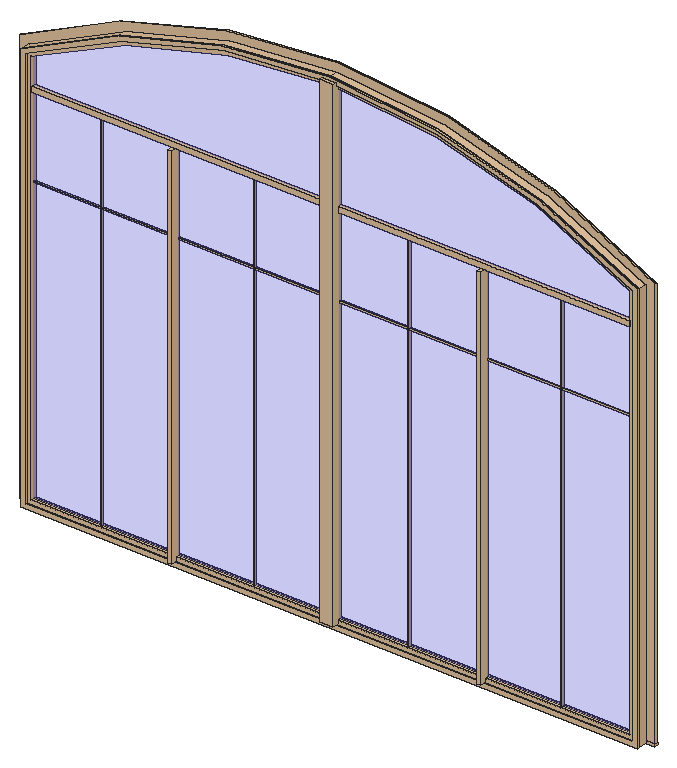
Revit family
Parameters (values of type "24" x 48"")
  Return Depth = 0' - 1 115/128"
  Mullion Width = 0' - 0 1/4"
  Mullion Height = 9' - 0"
  Mulliion Depth = 0' - 1 1/2"
  Cross Offset = 2' - 0"
  Assembly Code = "B2020100"
  Glass Pane Material = Glass
  Height = 12' - 0"
  Radius = Width  # 15' - 0"
  Sash Material = Sash
  Default Sill Height = 3' - 0"
  Trim Exterior Material = Trim
  Trim Interior Material = Trim
  Trim Projection - Ext. = 0' - 0 1/2"
  Trim Projection - Int. = 0' - 0 3/4"
  Trim Width - Exterior = 0' - 3 1/2"
  Trim Width - Interior = 0' - 3 1/2"
  Wall Closure = (empty or 0)
  Width = 15' - 0"
Types (7): name | Return Depth | Mullion Width | Mullion Height | Mulliion Depth | Cross Offset | Height | Radius | Default Sill Height | Width
  (no name) | 0' - 1 115/128" | 0' - 0 1/4" | 9' - 0" | 0' - 1 1/2" | 2' - 0" | 12' - 0" | 15' - 0" | 3' - 0" | 15' - 0"
  24" x 24" | 0' - 1.78513" | 0' - 3.05538" | 1' - 0" | 0' - 1" | 1' - 3" | 2' - 0" | 2' - 0" | 3' - 0" | 2' - 0"
  24" x 60" | 0' - 1.78513" | 0' - 3.05538" | 1' - 0" | 0' - 1" | 1' - 3" | 5' - 0" | 2' - 0" | 2' - 0" | 2' - 0"
  24" x 48" | 0' - 1 115/128" | 0' - 0 1/4" | 9' - 0" | 0' - 1 1/2" | 2' - 0" | 12' - 0" | 15' - 0" | 3' - 0" | 15' - 0"
  72" x 48" | 0' - 1.78513" | 0' - 3.05538" | 1' - 0" | 0' - 1" | 1' - 3" | 4' - 0" | 6' - 0" | 1' - 0" | 6' - 0"
  36" x 48" | 0' - 1.78513" | 0' - 3.05538" | 1' - 0" | 0' - 1" | 1' - 3" | 4' - 0" | 3' - 0" | 2' - 0" | 3' - 0"
  30" x 60" | 0' - 1.78513" | 0' - 3.05538" | 1' - 0" | 0' - 1" | 1' - 3" | 5' - 0" | 2' - 6" | 2' - 0" | 2' - 6"
Reference planes (in)
  plane 1: y = 0
  plane 2 "Center": x = 0.47167
  plane 3 "Sill": z = 58.75
  plane 4: z = 22.75
  plane 5: x = 90.47167
  plane 6 "Right": x = -89.52833
  plane 7 "Top": z = 202.75
  plane 8: x = -88.27833
  plane 9: x = -88.77833
  plane 10: x = -91.77833
  plane 11: x = -92.27833
  plane 12: x = 89.22167
  plane 13: x = 89.72167
  plane 14: x = 92.72167
  plane 15: x = 93.22167
  plane 16: z = 205.5
  plane 17: z = 205
  plane 18: z = 202
  plane 19: z = 201.5
  plane 20: z = 60
  plane 21: z = 56.5
  plane 22 "Closure": y = 1.125
  plane 23: x = -1.52833
  plane 24: x = 45.09667
  plane 25: y = -0.85156
  plane 26: y = 1.625
  plane 27: z = 168
  plane 28: y = -1.10156
  plane 29: z = 169.5
  plane 30: x = 45.59667
  plane 31: x = 44.59667
  plane 32: x = -45.15333
  plane 33: x = -45.65333
  plane 34: x = -44.65333
  plane 35: x = 22.65917
  plane 36: x = 22.90917
  plane 37: x = 22.78417
  plane 38: x = 67.28417
  plane 39: x = 67.40917
  plane 40: x = 67.53417
  plane 41: x = -22.46583
  plane 42: x = -22.34083
  plane 43: x = -22.21583
  plane 44: x = -66.96583
  plane 45: x = -66.84083
  plane 46: x = -67.09083
  plane 47: z = 144
  plane 48: z = 144.5
  plane 49: x = -0.27833
  plane 50: x = 1.22167
  plane 51: x = -87.02833
  plane 52: x = 87.97167
  plane 53: x = 87.97167
  plane 54: x = 1.22167
  plane 55: y = -1.10156
  plane 56: y = -3
  plane 57: x = 2.47167
  plane 58: x = -87.02833
  plane 59: x = 87.97167
  plane 60: y = 0.5
Forms (in)
  Extrusion 1, solid, material "Sash" <- "Sash Material"
    sketch origin (0.47167, 0, 0) x (1, 0, 0) y (0, 0, 1)
      loop
        line (-90, 178.63457) -> (-90, 58.75) -> (90, 58.75) -> (90, 178.63457)
        arc (90, 178.63457) -> (46.58743, 196.61665) -> (0, 202.75) r 180
        arc (0, 202.75) -> (-46.58743, 196.61665) -> (-90, 178.63457) r 180
      loop
        line (-89.25, 178.28051) -> (-89.25, 59.5) -> (89.25, 59.5) -> (89.25, 178.28051)
        arc (89.25, 178.28051) -> (46.18294, 196.01984) -> (0, 202.06899) r 179.31899
        arc (0, 202.06899) -> (-46.18294, 196.01984) -> (-89.25, 178.28051) r 179.31899
    from -3 to -0.5
  Extrusion 2, solid, material "Sash" <- "Sash Material"
    sketch origin (0.47167, 0, 0) x (-1, 0, 0) y (0, 0, 1)
      loop
        line (-90, 178.63457) -> (-90, 58.75) -> (90, 58.75) -> (90, 178.63457)
        arc (90, 178.63457) -> (46.58743, 196.61665) -> (0, 202.75) r 180
        arc (0, 202.75) -> (-46.58743, 196.61665) -> (-90, 178.63457) r 180
      loop
        line (-88.75, 178.04219) -> (-88.75, 60) -> (88.75, 60) -> (88.75, 178.04219)
        arc (88.75, 178.04219) -> (45.91345, 195.62042) -> (0, 201.61371) r 178.86371
        arc (0, 201.61371) -> (-45.91345, 195.62042) -> (-88.75, 178.04219) r 178.86371
    from 0.5 to 0
  Extrusion 3, solid, material "Glass" <- "Glass Pane Material"
    sketch origin (-4.44843, 3, -4.60771) x (1, 0, 0) y (0, 0, 1)
      loop
        line (-82.5799, 181.94776) -> (-82.5799, 65.85771) -> (92.4201, 65.85771) -> (92.4201, 181.94776)
        arc (92.4201, 181.94776) -> (50.16205, 199.13518) -> (4.9201, 204.99311) r 177.6354
        arc (4.9201, 204.99311) -> (-40.32186, 199.13518) -> (-82.5799, 181.94776) r 177.6354
    from 1.375 to 1.875
  Extrusion 4, solid, material "Trim" <- "Trim Exterior Material"
    sketch origin (0.47167, 0, 0) x (-1, 0, 0) y (0, 0, 1)
      loop
        arc (-89.25, 178.20096) -> (-46.1843, 195.94808) -> (0, 202) r 179.25
        arc (0, 202) -> (46.1843, 195.94808) -> (89.25, 178.20096) r 179.25
        line (89.25, 178.20096) -> (89.25, 59.5) -> (92.75, 59.5) -> (92.75, 179.82019)
        arc (92.75, 179.82019) -> (48.07467, 198.71145) -> (0, 205.16055) r 182.41055
        arc (0, 205.16055) -> (-48.07467, 198.71145) -> (-92.75, 179.82019) r 182.41055
        line (-92.75, 179.82019) -> (-92.75, 59.5) -> (-89.25, 59.5) -> (-89.25, 178.20096)
    from 3 to 3.5
  Extrusion 5, solid, material "Trim" <- "Trim Exterior Material"
    sketch origin (0.47167, 0, 0) x (-1, 0, 0) y (0, 0, 1)
      loop
        line (-92.75, 59.5) -> (-92.75, 58.75) -> (92.75, 58.75) -> (92.75, 59.5) -> (-92.75, 59.5)
    from 3 to 4
  Extrusion 6, solid, material "Sash" <- "Sash Material"
    sketch origin (-60, 3, 0) x (-1, 0, 0) y (0, 0, 1)
      loop
        line (-149.72167, 178.20096) -> (-149.72167, 60) -> (28.77833, 60) -> (28.77833, 178.20096)
        arc (28.77833, 178.20096) -> (-14.28737, 195.94808) -> (-60.47167, 202) r 179.25
        arc (-60.47167, 202) -> (-106.65596, 195.94808) -> (-149.72167, 178.20096) r 179.25
      loop
        line (-147.97167, 177.32811) -> (-147.97167, 61.25) -> (27.02833, 61.25) -> (27.02833, 177.32811)
        arc (27.02833, 177.32811) -> (-15.22951, 194.51667) -> (-60.47167, 200.375) r 177.625
        arc (-60.47167, 200.375) -> (-105.71382, 194.51667) -> (-147.97167, 177.32811) r 177.625
    from -2.5 to -0.75
  Extrusion 7, solid
    sketch origin (0, 0, 0) x (1, 0, 0) y (0, 1, 0)
      loop
        line (-1.52833, 1.625) -> (-1.52833, -1.10156) -> (2.47167, -1.10156) -> (2.47167, 1.625) -> (-1.52833, 1.625)
    from 60 to 202
  Extrusion 8, solid
    sketch origin (-3.10862, 0, 0) x (1, 0, 0) y (0, 1, 0)
      loop
        line (47.70528, 1.625) -> (47.70528, -1.10156) -> (48.70528, -1.10156) -> (48.70528, 1.625) -> (47.70528, 1.625)
    from 60 to 168
  Extrusion 9, solid
    sketch origin (-9.27833, 0, 0) x (1, 0, 0) y (0, 1, 0)
      loop
        line (-36.375, 1.625) -> (-36.375, -1.10156) -> (-35.375, -1.10156) -> (-35.375, 1.625) -> (-36.375, 1.625)
    from 60 to 168
  Extrusion 10, solid
    sketch origin (23.59667, -1.10156, 0) x (0, 1, 0) y (0, 0, -1)
      loop
        line (2.72656, -168) -> (1.60156, -168) -> (1.60156, -169.5) -> (2.72656, -169.5) -> (2.72656, -168)
    from -64.375 to 110.625
  Extrusion 11, solid
    sketch origin (0, 0, 0) x (1, 0, 0) y (0, 1, 0)
      loop
        line (22.65917, 1.625) -> (22.65917, 1.125) -> (22.90917, 1.125) -> (22.90917, 1.625) -> (22.65917, 1.625)
    from 60 to 168
  Extrusion 12, solid
    sketch origin (0, 0, 0) x (1, 0, 0) y (0, 1, 0)
      loop
        line (67.28417, 1.625) -> (67.28417, 1.125) -> (67.53417, 1.125) -> (67.53417, 1.625) -> (67.28417, 1.625)
    from 60 to 168
  Extrusion 13, solid
    sketch origin (0, 0, 0) x (1, 0, 0) y (0, 1, 0)
      loop
        line (-22.46583, 1.625) -> (-22.46583, 1.125) -> (-22.21583, 1.125) -> (-22.21583, 1.625) -> (-22.46583, 1.625)
    from 60 to 168
  Extrusion 14, solid
    sketch origin (0, 0, 0) x (1, 0, 0) y (0, 1, 0)
      loop
        line (-67.09083, 1.625) -> (-67.09083, 1.125) -> (-66.84083, 1.125) -> (-66.84083, 1.625) -> (-67.09083, 1.625)
    from 60 to 168
  Extrusion 15, solid
    sketch origin (-60, -3, 0) x (1, 0, 0) y (0, 0, 1)
      loop
        line (-27.02833, 144.5) -> (-27.02833, 144) -> (59.72167, 144) -> (59.72167, 144.5) -> (-27.02833, 144.5)
    from -4.625 to -4.125
  Extrusion 16, solid
    sketch origin (-60, -3, 0) x (1, 0, 0) y (0, 0, 1)
      loop
        line (61.22167, 144.5) -> (61.22167, 144) -> (147.97167, 144) -> (147.97167, 144.5) -> (61.22167, 144.5)
    from -4.625 to -4.125
Lines and regions (in)
  Opening 1
    outline origin (-60, -3, 0) x (1, 0, 0) y (0, 0, 1)
      loop
        arc (60.47167, 202.75) -> (13.88424, 196.61665) -> (-29.52833, 178.63457) r 180
        line (-29.52833, 178.63457) -> (-29.52833, 58.75) -> (150.47167, 58.75) -> (150.47167, 178.63457)
        arc (150.47167, 178.63457) -> (107.05909, 196.61665) -> (60.47167, 202.75) r 180
  symbolic lines, style "Windows"
    curve 1: line (-89.52833, 3, 0) -> (-88.77833, 3, 0)
    curve 2: line (-89.52833, 0, 0) -> (-88.27833, 0, 0)
    curve 3: line (-88.77833, 3, 0) -> (-88.77833, 0.5, 0)
    curve 4: line (-88.77833, 0.5, 0) -> (-87.02833, 0.5, 0)
    curve 5: line (-88.27833, 0, 0) -> (-88.27833, 0.5, 0)
    curve 6: line (-88.77833, 0.02344, 0) -> (-87.02833, 0.02344, 0)
    curve 7: line (-87.02833, 0.02344, 0) -> (-87.02833, 0.5, 0)
    curve 8: line (87.97167, 2.25, 0) -> (87.97167, 0.5, 0)
    curve 9: line (89.72167, 3, 0) -> (90.47167, 3, 0)
    curve 10: line (89.22167, 0.5, 0) -> (89.22167, 0, 0)
    curve 11: line (87.97167, 0.5, 0) -> (89.72167, 0.5, 0)
    curve 12: line (89.72167, 3, 0) -> (89.72167, 0.5, 0)
    curve 13: line (89.22167, 0, 0) -> (90.47167, 0, 0)
    curve 14: line (87.97167, 2.25, 0) -> (89.72167, 2.25, 0)
    curve 15: line (-87.02833, -0.85156, 0) -> (87.97167, -0.85156, 0)
Text (in)
  text "Exterior" at (0, -43.09243, 105.28801), in view "Right"
  text "Exterior" at (-41.7001, 28.46503, 0), in view "Floor Line"
  text "Exterior" at (0, 23.27086, 99.42396), in view "Left"
Dimensions and locks (in)
  equal spacing: plane 6 "Right", plane 2 "Center", plane 5
  "Width": plane 6 "Right" to plane 5
  "Default Sill Height": host wall to plane 3 "Sill"
  "Height": plane 3 "Sill" to plane 7 "Top"
  "Radius": plane 4 to plane 7 "Top"
  locked: Extrusion 5 sketch curve to Extrusion 1 at 0.75
  locked: Extrusion 4 sketch curve to plane 7 "Top" at 0.75
  locked: Extrusion 5 to Extrusion 4 at 0.5
  locked: Extrusion 3 to Extrusion 3 at 0.5
  "Trim Projection - Ext.": Extrusion 4 to Extrusion 4
  locked: plane 6 "Right" to plane 9 at 0.75
  locked: plane 6 "Right" to plane 8 at 1.25
  locked: plane 13 to plane 5 at 0.75
  locked: plane 12 to plane 5 at 1.25
  "Trim Width - Exterior": plane 15 to plane 13
  "Trim Width - Exterior": plane 9 to plane 11
  locked: plane 18 to plane 7 "Top" at 0.75
  "Trim Width - Exterior": plane 18 to plane 16
  locked: plane 7 "Top" to plane 19 at 1.25
  locked: plane 20 to plane 3 "Sill" at 1.25
  "Trim Width - Interior": plane 20 to plane 21
  "Trim Width - Interior": plane 14 to plane 12
  "Trim Width - Interior": plane 8 to plane 10
  "Trim Width - Interior": plane 17 to plane 19
  plane 4 to Extrusion 4 sketch curve = 0' - 0"
  plane 2 "Center" to Extrusion 4 sketch curve = 0' - 0"
  Extrusion 4 sketch curve to plane 2 "Center" = 0' - 0"
  Extrusion 4 sketch curve to plane 4 = 0' - 0"
  Opening 1 sketch curve to plane 2 "Center" = 0' - 0"
  Opening 1 sketch curve to plane 4 = 0' - 0"
  Extrusion 1 sketch curve to plane 4 = 0' - 0"  (x2)
  Extrusion 1 sketch curve to plane 2 "Center" = 0' - 0"  (x2)
  Extrusion 3 sketch curve to plane 4 = 0' - 0"
  Extrusion 3 sketch curve to plane 2 "Center" = 0' - 0"
  plane 19 to Extrusion 3 sketch curve = 0' - 1.1146"
  Extrusion 6 sketch curve to plane 2 "Center" = 0' - 0"  (x2)
  Extrusion 6 sketch curve to plane 4 = 0' - 0"  (x2)
  Extrusion 6 sketch curve to plane 19 = 0' - 1 1/8"
  Extrusion 6 sketch curve to Extrusion 6 sketch curve = 0' - 1 3/4"  (x2)
  locked: plane 22 "Closure" to host wall at 1.875
  "Mullion Width": plane 25 to plane 28
  plane 26 to plane 25 = 0' - 2 61/128"
  "Mulliion Depth": plane 27 to plane 29
  "Mullion Height": plane 20 to plane 27
  equal spacing: plane 13, plane 24, plane 2 "Center"
  locked: plane 24 to plane 31 at 0.5
  locked: plane 30 to plane 24 at 0.5
  equal spacing: plane 23, plane 32, plane 9
  locked: plane 33 to plane 32 at 0.5
  locked: plane 34 to plane 32 at 0.5
  locked: plane 37 to plane 36 at 0.125
  locked: plane 35 to plane 37 at 0.125
  equal spacing: plane 24, plane 39, plane 13
  locked: plane 39 to plane 40 at 0.125
  locked: plane 38 to plane 39 at 0.125
  locked: plane 42 to plane 43 at 0.125
  locked: plane 41 to plane 42 at 0.125
  equal spacing: plane 9, plane 44, plane 32
  locked: plane 46 to plane 44 at 0.125
  locked: plane 44 to plane 45 at 0.125
  "Cross Offset": plane 27 to plane 47
  locked: plane 48 to plane 47 at 0.5
  locked: plane 51 to plane 8 at 1.25
  locked: plane 12 to plane 52 at 1.25
  locked: plane 50 to plane 2 "Center" at 0.75
  locked: plane 2 "Center" to plane 49 at 0.75
  locked: plane 12 to plane 53 at 1.25
  locked: plane 54 to plane 2 "Center" at 0.75
  "Return Depth": plane 55 to plane 56
  locked: plane 23 to plane 2 "Center" at 2
  equal spacing: plane 32, plane 42, plane 2 "Center"
  equal spacing: plane 2 "Center", plane 37, plane 24
  locked: plane 2 "Center" to plane 57 at 2
  locked: plane 58 to plane 11 at 5.25
  locked: plane 5 to plane 59 at 2.5
  locked: plane 60 to host wall at 0.5
  aligned and locked: plane 2 "Center" to Opening 1 sketch curve
  aligned and locked: Opening 1 sketch curve to plane 5
  aligned and locked: Opening 1 sketch curve to Opening 1 sketch curve
  aligned and locked: Opening 1 sketch curve to plane 3 "Sill"  (x2)
  aligned and locked: Opening 1 sketch curve to plane 6 "Right"
  aligned and locked: Extrusion 4 sketch curve to Extrusion 1  (x2)
  aligned and locked: Extrusion 5 sketch curve to Extrusion 4  (x2)
  aligned and locked: Extrusion 4 sketch curve to plane 2 "Center"  (x2)
  aligned and locked: plane 2 "Center" to Extrusion 1 sketch curve  (x2)
  aligned and locked: plane 5 to Extrusion 1 sketch curve
  aligned and locked: Extrusion 1 sketch curve to plane 6 "Right"
  aligned and locked: Extrusion 2 sketch curve to plane 2 "Center"  (x2)
  aligned and locked: Extrusion 4 to host wall
  aligned and locked: Extrusion 5 to host wall
  aligned and locked: host wall to Extrusion 1
  aligned: host wall to Extrusion 2
  aligned and locked: Extrusion 1 to Extrusion 2
  aligned and locked: curve 1 to Extrusion 1  (x2)
  aligned and locked: Extrusion 2 to curve 2
  aligned and locked: curve 2 to Extrusion 2
  aligned and locked: curve 3 to Extrusion 1
  aligned and locked: Extrusion 1 to curve 4
  aligned and locked: curve 5 to Extrusion 2
  aligned and locked: curve 9 to Extrusion 1
  aligned and locked: curve 10 to Extrusion 2  (x2)
  aligned and locked: curve 12 to Extrusion 1
  aligned and locked: Extrusion 2 to curve 13
  aligned and locked: Extrusion 3 to plane 22 "Closure"
  aligned and locked: Extrusion 7 to plane 23
  aligned and locked: Extrusion 7 to plane 18
  aligned and locked: plane 20 to Extrusion 7
  aligned and locked: plane 20 to Extrusion 8
  aligned: Extrusion 8 to plane 18
  aligned and locked: plane 25 to curve 15
  aligned and locked: Extrusion 9 to plane 27
  aligned and locked: Extrusion 8 to plane 27
  aligned and locked: plane 26 to Extrusion 7
  aligned and locked: plane 26 to Extrusion 9
  aligned: plane 28 to Extrusion 8
  aligned: Extrusion 7 to plane 28
  aligned: Extrusion 9 to plane 28
  aligned and locked: Extrusion 8 to plane 26
  aligned and locked: Extrusion 10 to plane 29
  aligned and locked: plane 20 to Extrusion 9
  aligned: Extrusion 10 to plane 13
  aligned and locked: Extrusion 8 to plane 30
  aligned and locked: Extrusion 8 to plane 31
  aligned and locked: plane 33 to Extrusion 9
  aligned and locked: Extrusion 9 to plane 34
  aligned and locked: plane 35 to Extrusion 11 sketch curve
  aligned and locked: Extrusion 11 sketch curve to Extrusion 3
  aligned and locked: Extrusion 3 to Extrusion 11 sketch curve
  aligned and locked: Extrusion 11 sketch curve to plane 36
  aligned and locked: Extrusion 11 to plane 27
  aligned and locked: plane 20 to Extrusion 11
  aligned and locked: plane 38 to Extrusion 12 sketch curve
  aligned and locked: Extrusion 12 sketch curve to Extrusion 3
  aligned and locked: Extrusion 3 to Extrusion 12 sketch curve
  aligned and locked: Extrusion 12 sketch curve to plane 40
  aligned and locked: plane 27 to Extrusion 12
  aligned and locked: Extrusion 12 to plane 20
  aligned and locked: plane 41 to Extrusion 13 sketch curve
  aligned and locked: Extrusion 13 sketch curve to Extrusion 3
  aligned and locked: Extrusion 3 to Extrusion 13 sketch curve
  aligned and locked: Extrusion 13 sketch curve to plane 43
  aligned and locked: plane 46 to Extrusion 14 sketch curve
  aligned and locked: Extrusion 14 sketch curve to Extrusion 3
  aligned and locked: Extrusion 3 to Extrusion 14 sketch curve
  aligned and locked: Extrusion 14 sketch curve to plane 45
  aligned and locked: plane 20 to Extrusion 14
  aligned and locked: plane 20 to Extrusion 13
  aligned and locked: Extrusion 14 to plane 27
  aligned and locked: Extrusion 13 to plane 27
  aligned and locked: plane 47 to Extrusion 15 sketch curve
  aligned and locked: Extrusion 15 sketch curve to plane 48
  aligned and locked: plane 51 to Extrusion 15 sketch curve
  aligned and locked: Extrusion 15 sketch curve to plane 49
  aligned and locked: Extrusion 3 to Extrusion 15
  aligned and locked: plane 54 to Extrusion 16 sketch curve
  aligned and locked: Extrusion 16 sketch curve to plane 48
  aligned and locked: Extrusion 16 sketch curve to plane 47
  aligned and locked: Extrusion 16 sketch curve to plane 53
  aligned and locked: Extrusion 16 to Extrusion 3
  aligned and locked: Extrusion 3 to Extrusion 16
  aligned: Extrusion 2 to plane 55
  aligned and locked: plane 56 to host wall
  aligned and locked: plane 57 to Extrusion 7
  aligned and locked: plane 55 to Extrusion 7 sketch curve
  aligned: Extrusion 10 to plane 57
  aligned and locked: plane 58 to Extrusion 10
  aligned and locked: plane 59 to Extrusion 10
  aligned and locked: host wall to Extrusion 2
  aligned: Extrusion 15 to plane 60
  aligned: host wall to Extrusion 10
  aligned and locked: Extrusion 10 to plane 60
  aligned and locked: Extrusion 13 to Extrusion 15
Automatic sketch dimensions
  Opening 1 sketch curve to plane 7 "Top" = 0' - 0"
  plane 6 "Right" to Extrusion 1 sketch curve = 0' - 0 3/4"
  Extrusion 1 sketch curve to plane 5 = 0' - 0 3/4"
  Extrusion 1 sketch curve to plane 3 "Sill" = 0' - 0"
  Extrusion 1 sketch curve to plane 4 = 0' - 0"  (x2)
  Extrusion 1 sketch curve to plane 7 "Top" = 0' - 0"
  Extrusion 1 sketch curve to plane 3 "Sill" = 0' - 0 3/4"
  Extrusion 1 sketch curve to Extrusion 1 sketch curve = 0' - 0.35406"
  Extrusion 2 sketch curve to plane 3 "Sill" = 0' - 0"
  Extrusion 2 sketch curve to plane 5 = 0' - 0"
  Extrusion 2 sketch curve to plane 6 "Right" = 0' - 0"
  Extrusion 2 sketch curve to plane 5 = 0' - 1 1/4"
  plane 6 "Right" to Extrusion 2 sketch curve = 0' - 1 1/4"
  Extrusion 2 sketch curve to plane 4 = 0' - 0"  (x4)
  Extrusion 2 sketch curve to plane 7 "Top" = 0' - 0"
  Extrusion 2 sketch curve to plane 3 "Sill" = 0' - 1 1/4"
  Extrusion 2 sketch curve to Extrusion 2 sketch curve = 0' - 0.59239"
  curve 9 to plane 5 = 0' - 0"
  curve 13 to plane 5 = 0' - 0"
  curve 15 to curve 7 = 0' - 0 7/8"
  Extrusion 5 sketch curve to plane 11 = 0' - 0"
  Extrusion 4 sketch curve to plane 15 = 0' - 0"
  Extrusion 4 sketch curve to plane 13 = 0' - 0"
  Extrusion 4 sketch curve to plane 11 = 0' - 0"
  Extrusion 4 sketch curve to plane 4 = 0' - 0"  (x2)
  Extrusion 4 sketch curve to plane 3 "Sill" = 0' - 0 3/4"
  Extrusion 4 sketch curve to Extrusion 4 sketch curve = 0' - 1.61923"
  Extrusion 3 sketch curve to plane 4 = 0' - 0"
  plane 8 to curve 6 = 0' - 1 1/4"
  curve 8 to host wall = 0' - 0 3/4"
  curve 8 to plane 12 = 0' - 1 1/4"
  plane 6 "Right" to Extrusion 3 sketch curve = 0' - 2 1/2"
  Extrusion 3 sketch curve to plane 5 = 0' - 2 1/2"
  Extrusion 3 sketch curve to plane 3 "Sill" = 0' - 2 1/2"
  Extrusion 6 sketch curve to plane 13 = 0' - 0"
  Extrusion 6 sketch curve to plane 9 = 0' - 0"
  Extrusion 6 sketch curve to plane 4 = 0' - 0"  (x2)
  Extrusion 6 sketch curve to plane 20 = 0' - 0"
  Extrusion 6 sketch curve to plane 18 = 0' - 0"
  Extrusion 6 sketch curve to Extrusion 6 sketch curve = 0' - 1 1/4"
  Extrusion 8 sketch curve to host wall = 0' - 1 3/8"
  host wall to Extrusion 8 sketch curve = 0' - 1 13/128"
  Extrusion 8 sketch curve to Extrusion 8 sketch curve = 0' - 1"
  plane 8 to Extrusion 9 sketch curve = 3' - 6 5/8"
  Extrusion 9 sketch curve to Extrusion 9 sketch curve = 0' - 1"
  host wall to Extrusion 9 sketch curve = 0' - 1 13/128"
  Extrusion 9 sketch curve to host wall = 0' - 1 3/8"
  Extrusion 10 sketch curve to Extrusion 8 = 0' - 1 77/128"
  Extrusion 10 sketch curve to Extrusion 8 = 0' - 0"  (x2)
  Extrusion 10 sketch curve to Extrusion 8 = 0' - 1 1/2"
  Extrusion 8 sketch curve to plane 31 = 0' - 0"
  Extrusion 7 sketch curve to plane 23 = 0' - 0"
  Extrusion 7 sketch curve to plane 57 = 0' - 0"
  plane 26 to Extrusion 7 sketch curve = 0' - 0"
